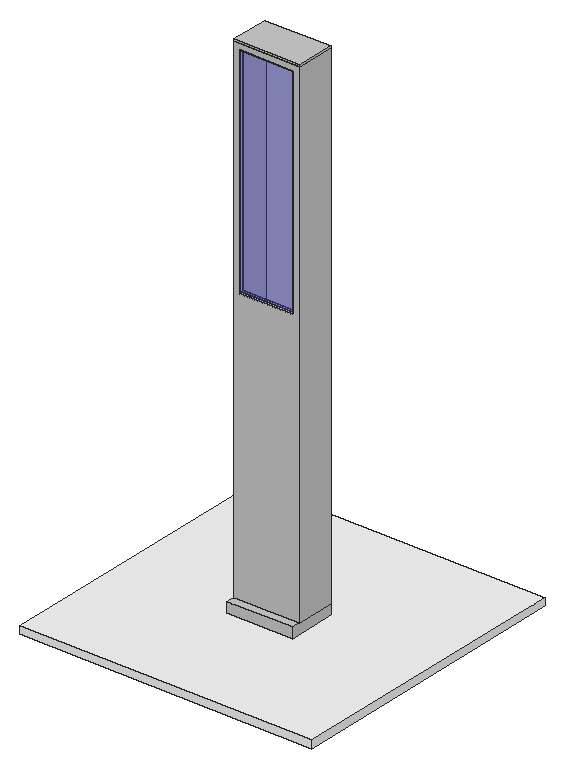
Revit family "BE_77247_de_DE", category Leuchten, Revit 2020
Family settings
  Basisbauteil = Fläche
  Bemaßung runder Anschluss = Durchmesser verwenden
  Teiletyp = Normal
  Beim Laden mit Abzugskörper schneiden = Ja
  Lichtquelle = Ja
  Gemeinsam genutzt = Nein
  Raumberechnungspunkt = Ja
Parameters (values of type "BEGA_77247_Silber_K3")
  built-in parameter 1150104 = 7.7778 (stored number, unit not read)
  Wattage = 4.3 W
  Default Elevation = 0 mm
  built-in parameter 1150113 = 1 (stored number, unit not read)
  built-in parameter 1114218 = 1 (stored number, unit not read)
  Umgebungstemperatur = "25 °C"
  URL = "https://www.bega.com/de/produkt/77247"
  Typenkommentare = "© 2022 BEGA. Wir behalten uns das Recht vor, technische Änderungen ohne vorherige Ankündigung vorzunehmen."  # constant formula
  Type Image = 77247.png
  built-in parameter 1150134 = (empty or 0)
  built-in parameter 1150109 = 1 (stored number, unit not read)
  Strom = ""
  built-in parameter 1150110 = 1 (stored number, unit not read)
  Spannung = 239.996 V
  Sonderanfertigung = no
  Seriennummer [instance] = "Hier können Sie die eindeutige Seriennummer für das Facility Management eintragen."
  Schutzklasse = "I"
  Schutzart = "IP 65"
  Scheinlast = 0 VA
  Produktdatenblatt = "https://cdn.bega.com/bega/products/77247AK3/current/documents/data-sheets/de"
  Oberflächentemperatur = ""
  Neigungswinkel = 0.00°
  Modell = "77247AK3"
  Material_18 = BEGA_Gummi_schwarz
  Material_17 = BEGA_Reflektor
  Material_15 = BEGA_Leuchtmedium_matt
  Material_11 = BEGA_Glas_opal
  Material_09 = BEGA_Glas_klar
  Material_08 = BEGA_Oberfläche_Stahl_verzinkt
  Material_06 = BEGA_Oberfläche_Edelstahl_gebürstet
  Material_03 = BEGA_Oberfläche_Weiss_matt
  Material_02 = BEGA_Oberfläche_Silber_matt
  Material_01 [instance] = BEGA_Oberfläche_Grafit_matt
  M_W = no
  M_G = no
  M_A = yes
  Logo = 0
  built-in parameter 1114217 = 1 (stored number, unit not read)
  built-in parameter 1150139 = (empty or 0)
  built-in parameter 1150105 = 28.648 (stored number, unit not read)
  built-in parameter 1150114 = 1 (stored number, unit not read)
  Lumens = 359.996 lm
  built-in parameter 1150115 = 1 (stored number, unit not read)
  Leuchtenlichtstrom = "139 lm"
  Leuchtenanzahl = ""
  Lebensdauerkriterien = "L70B50 @ 25 °C = 200000 h"
  Lastklassifizierung = Beleuchtung
  built-in parameter 1150112 = 1 (stored number, unit not read)
  Lampenlichtstrom = "385 lm"
  Lampe = "LED 1.8 W"
  LED_Modulbezeichnung = "LED-0840/830"
  built-in parameter 1150142 = (empty or 0)
  Hersteller = "BEGA"  # constant formula
  Halbstreuwinkel = ""
  Gewicht = "2.85 kg"
  Gebrauchslageneinschränkung [instance] = ""
  Frequenz = "0/50-60 Hz"
  Farbwiedergabeindex = "CRI > 80"
  Farbtemperaturverschiebung bei Dämpfen der Lampe = <Keine Auswahl>
  Farbtemperatur = "3000 K"
  Color Filter = 16777215
  built-in parameter 1150133 = 10 (stored number, unit not read)
  Energieeffizienzklasse = "LED A++ - A"
  built-in parameter 1150137 = (empty or 0)
  built-in parameter 1150132 = (empty or 0)
  ENEC = "ja"
  Dimmbar [instance] = ""
  Datei für fotometrisches Netz = "BE_77247K3.IES"
  CE_Konformität = "ja"
  Bestellnummer = "77247AK3"
  Beschreibung_Sonderanfertigung = "Hier können Sie Informationen zur Sonderanfertigung eintragen."
  Beschreibung = "Garten- und Wegeleuchte"
  built-in parameter 1150106 = 0.28648 (stored number, unit not read)
  Befestigungsbohrung = "Ø 5,5 mm"
  Befestigungsabstand = ""
  Ballwurfsicher = ""
  BEGA_Intern_aus = yes
  BEGA_Intern_an = yes
  BEGA_Intern_Konstruktion = yes
  BEGA_Intern = yes
  BEGA_IES = yes
  BEGA_Dummy = no
  Anschlussleitung = ""
  Anschlussleistung [instance] = "2.8 W"
  built-in parameter 1150107 = 3000 (stored number, unit not read)
  built-in parameter 1150102 = (empty or 0)
  built-in parameter 1150138 = (empty or 0)
  Aktualisierung = "2022-05-19T04:00:07"
  Abstand_zur_angestrahlten_Fläche [instance] = ""
  AC/DC = "AC/DC"
Types (2, lengths in mm): name | Modell | M_G | M_A | Bestellnummer
  BEGA_77247_Grafit_K3 | "77247K3" | yes | no | "77247K3"
  BEGA_77247_Silber_K3 | "77247AK3" | no | yes | "77247AK3"
Reference planes
  plane 1 "Mitte (Vorne/Hinten)": y = 0
  plane 2: z = 0
  plane 3 "Mitte (Links/Rechts)": x = 0
  plane 4 "Links": x = -45.24
  plane 5 "Rechts": x = 45.237
  plane 6 "Unten": y = -38.74
  plane 7 "Oben": y = 26.737
  plane 8 "Vorne": z = 700.372
  plane 9 "Hinten": z = 0
Forms (mm)
  Extrusion 1, solid, material "BEGA_Platte_Weiss"
    sketch origin (0, -1119.2, 0) x (1, 0, 0) y (0, 1, 0)
      loop
        line (-200, 1319.2) -> (-200, 919.2) -> (200, 919.2) -> (200, 1319.2) -> (-200, 1319.2)
    from 0 to -10
  Extrusion 2, solid, material "BEGA_Dummy_matt", visible <- "BEGA_Dummy"
    sketch origin (80.095, -76.023, 0) x (1, 0, 0) y (0, 1, 0)
      loop
        line (-125.336, 102.76) -> (-125.336, 37.283) -> (-34.858, 37.283) -> (-34.858, 102.76) -> (-125.336, 102.76)
    from 0 to 700.372
Dimensions and locks
  plane 1 "Mitte (Vorne/Hinten)" to Extrusion 1 = 200 mm
  aligned and locked: plane 2 to Extrusion 1
  aligned and locked: level to Extrusion 1
Nested families
  nested 1: "BE_77247" at (0, 0, 0) x (0, -1, 0) z (0, 0, 1), type "BE_77247"
Connectors
  electrical at (0, 0, 0), driven by "Lastklassifizierung", driven by "Spannung", driven by "Scheinlast"
    settings: index 1, voltage 239.996 V, apparent load 0 VA, apparent load phase1 0 VA, apparent load phase2 0 VA, apparent load phase3 0 VA, power factor 1, load classification "Beleuchtung", number of poles 1, system type 31, power factor state 1, is connector primary yes, connector utility no, sub classification motor no, connector description ""
Definition of nested family "BE_77247"
  Parameters (values of type "BE_77247")
    Default Elevation = 1 mm
    URL = "http://www.bega.de/de/produkt"
    Type Comments = "© 2015 BEGA. Wir behalten uns das Recht vor, technische Änderungen ohne vorherige Ankündigung vorzunehmen. "  # constant formula
    Type Image = (empty or 0)
    Material_18 = none
    Material_17 = none
    Material_15 = none
    Material_11 = none
    Material_09 = none
    Material_08 = none
    Material_06 = none
    Material_03 = none
    Material_02 = none
    Material_01 = none
    M_W = yes
    M_G = yes
    M_A = yes
    Länge_Platte = 200 mm  # constant formula
    Höhe_Platte = -10 mm  # constant formula
    Manufacturer = "BEGA"  # constant formula
    Breite_Platte = 200 mm  # constant formula
  Reference planes
    plane 1 "Mitte (Oben/Unten)": y = 0
    plane 2: z = 0
    plane 3 "Mitte (Links/Rechts)": x = 0
    plane 4: x = -26.737
    plane 5: z = 700.372
    plane 6: x = 38.74
    plane 7: y = -45.24
    plane 8: y = 45.237
  Forms (mm)
    Extrusion 1, solid, detail levels medium
      sketch origin (0, 0, 0) x (1, 0, 0) y (0, 1, 0)
        loop
          line (-100, 100) -> (-100, -100) -> (100, -100) -> (100, 100) -> (-100, 100)
      from 0 to -10 <- "Höhe_Platte"
    Sweep 2, solid, material <- "Material_01", visible <- "M_G", detail levels medium+fine
      path origin (0, 0, 0) x (1, 0, 0) y (0, 1, 0)
        loop
          line (-26.5, 45) -> (-26.5, -45.003) -> (38.503, -45.003) -> (38.503, 45) -> (-26.5, 45)
      profile origin (-26.5, -0.002, 0) x (1, 0, 0) y (0, 0, 1)
        loop
          line (0, 13.572) -> (-0.237, 0) -> (1.46, 0) -> (1.583, 3.517) -> (2.477, 4.475) -> (2.734, 11.837) -> (4.9, 11.837) -> (4.9, 13.572) -> (0, 13.572)
    Extrusion 3, solid, material <- "Material_01", visible <- "M_G", detail levels medium+fine
      sketch origin (0, 0, 0) x (1, 0, 0) y (0, 0, 1)
        loop
          line (36.18, 13.572) -> (22.161, 13.572) -> (22.161, 10.872) -> (36.18, 10.872) -> (36.18, 13.572)
      from -40.1 to 40.103
    Sweep 4, solid, material <- "Material_01", visible <- "M_G", detail levels medium+fine
      path origin (0, 0, 0) x (1, 0, 0) y (0, 1, 0)
        loop
          line (-26.5, -45.003) -> (26.5, -45.003) -> (26.5, 45) -> (-26.5, 45) -> (-26.5, -45.003)
      profile origin (-26.5, -0.002, 0) x (-1, 0, 0) y (0, 0, 1)
        loop
          line (-3, 13.572) -> (0, 13.572) -> (0, 698.572) -> (-3, 698.572) -> (-3, 13.572)
    Revolve 5, solid, material <- "Material_08", detail levels medium+fine
      sketch origin (0, 0, 0) x (1, 0, 0) y (0, 0, 1)
        loop
          line (20.6, 3.827) -> (20.6, 0.998)
          arc (20.6, 0.998) -> (21.475, 0.288) -> (22.566, 0.001) r 2.674
          line (22.566, 0.001) -> (34.5, 0.001) -> (34.5, 2) -> (22.428, 2) -> (20.6, 3.827)
        axis (-0.5, 3.827) -> (-0.5, 0.001)
      angle from 0 to 360
    Extrusion 6, void
      sketch origin (0, 0, 0) x (1, 0, 0) y (0, 1, 0)
        loop
          line (-24.123, 4.279) -> (-19.72, 29.25)
          arc (-19.72, 29.25) -> (-31.304, 16.618) -> (-35.5, 0) r 35
          arc (-35.5, 0) -> (-31.304, -16.618) -> (-19.72, -29.25) r 35
          line (-19.72, -29.25) -> (-24.132, -4.23)
          arc (-24.132, -4.23) -> (-24.5, 0.025) -> (-24.123, 4.279) r 24.5
      from 0 to 5.614
    Revolve 7, solid, material <- "Material_08", detail levels medium+fine
      sketch origin (0, 0, 0) x (1, 0, 0) y (0, 0, 1)
        loop
          line (18.6, 0.998) -> (20.6, 0.998) -> (20.6, 120) -> (18.6, 120) -> (18.6, 0.998)
        axis (-0.5, 0.998) -> (-0.5, 120)
      angle from 0 to 360
    Extrusion 8, void
      sketch origin (0, 0, 0) x (1, 0, 0) y (0, 1, 0)
        loop
          circle (-15, 25.981) r 2.75
        loop
          circle (-15, -25.981) r 2.75
        loop
          circle (30, 0) r 2.75
      from 0 to 5.408
    Extrusion 9, solid, material <- "Material_01", visible <- "M_G", detail levels medium+fine
      sketch origin (0, 0, 0) x (1, 0, 0) y (0, 0, 1)
        loop
          line (26.5, 700.372) -> (-26.5, 700.372) -> (-26.5, 698.572) -> (26.5, 698.572) -> (26.5, 700.372)
      from -45 to 45.003
    Revolve 10, void
      sketch origin (0, 0, 0) x (1, 0, 0) y (0, 0, 1)
        loop
          line (-26.983, 52.572) -> (-26.983, 48.572) -> (-22.865, 48.572) -> (-22.865, 52.572) -> (-26.983, 52.572)
        axis (-26.983, 48.572) -> (-22.865, 48.572)
      angle from 0 to 360
    Revolve 11, void
      sketch origin (0, 0, 50) x (1, 0, 0) y (0, 0, 1)
        loop
          line (-26.983, 52.572) -> (-26.983, 48.572) -> (-22.865, 48.572) -> (-22.865, 52.572) -> (-26.983, 52.572)
        axis (-26.983, 48.572) -> (-22.865, 48.572)
      angle from 0 to 360
    Revolve 12, solid, material <- "Material_06", detail levels fine
      sketch origin (0, 0, 0) x (1, 0, 0) y (0, 0, 1)
        loop
          line (-27.5, 98.572) -> (-21.6, 98.572) -> (-21.6, 100.172) -> (-23.001, 101.573) -> (-23.001, 102.742) -> (-26.5, 102.497) -> (-26.5, 101.572) -> (-27.5, 101.572) -> (-27.5, 98.572)
        axis (-27.5, 98.572) -> (-21.6, 98.572)
      angle from 0 to 360
    Blend 13, void
      base sketch origin (0, 0, -0.4) x (0, 1, 0) y (0, 0, 1)
        loop
          line (-36.203, 690.172) -> (-36.203, 391.772) -> (36.2, 391.772) -> (36.2, 690.172) -> (-36.203, 690.172)
      top sketch origin (0, 0, -0.4) x (0, 1, 0) y (0, 0, 1)
        loop
          line (-37.303, 691.272) -> (-37.303, 390.672) -> (37.3, 390.672) -> (37.3, 691.272) -> (-37.303, 691.272)
      from 23.332 to 26.857
    Extrusion 14, solid, material <- "Material_11", detail levels medium+fine
      sketch origin (0, 0, 0) x (1, 0, 0) y (0, 0, 1)
        loop
          line (26.51, 689.072) -> (22.51, 689.072) -> (22.51, 392.072) -> (26.51, 392.072) -> (26.51, 689.072)
      from -35.438 to 35.351
    Revolve 15, solid, material <- "Material_06", detail levels fine
      sketch origin (0, 0, -50) x (1, 0, 0) y (0, 0, 1)
        loop
          line (-27.5, 98.572) -> (-21.6, 98.572) -> (-21.6, 100.172) -> (-23.001, 101.573) -> (-23.001, 102.742) -> (-26.5, 102.497) -> (-26.5, 101.572) -> (-27.5, 101.572) -> (-27.5, 98.572)
        axis (-27.5, 98.572) -> (-21.6, 98.572)
      angle from 0 to 360
    Sweep 16, solid, material <- "Material_02", visible <- "M_A", detail levels medium+fine
      path origin (0, 0, 0) x (1, 0, 0) y (0, 1, 0)
        loop
          line (-26.5, 45) -> (-26.5, -45.003) -> (38.503, -45.003) -> (38.503, 45) -> (-26.5, 45)
      profile origin (-26.5, -0.002, 0) x (1, 0, 0) y (0, 0, 1)
        loop
          line (0, 13.572) -> (-0.237, 0) -> (1.46, 0) -> (1.583, 3.517) -> (2.477, 4.475) -> (2.734, 11.837) -> (4.9, 11.837) -> (4.9, 13.572) -> (0, 13.572)
    Extrusion 17, solid, material <- "Material_02", visible <- "M_A", detail levels medium+fine
      sketch origin (0, 0, 0) x (1, 0, 0) y (0, 0, 1)
        loop
          line (36.18, 13.572) -> (22.161, 13.572) -> (22.161, 10.872) -> (36.18, 10.872) -> (36.18, 13.572)
      from -40.1 to 40.103
    Sweep 18, solid, material <- "Material_02", visible <- "M_A", detail levels medium+fine
      path origin (0, 0, 0) x (1, 0, 0) y (0, 1, 0)
        loop
          line (-26.5, -45.003) -> (26.5, -45.003) -> (26.5, 45) -> (-26.5, 45) -> (-26.5, -45.003)
      profile origin (-26.5, -0.002, 0) x (-1, 0, 0) y (0, 0, 1)
        loop
          line (-3, 13.572) -> (0, 13.572) -> (0, 698.572) -> (-3, 698.572) -> (-3, 13.572)
    Extrusion 19, solid, material <- "Material_02", visible <- "M_A", detail levels medium+fine
      sketch origin (0, 0, 0) x (1, 0, 0) y (0, 0, 1)
        loop
          line (26.5, 700.372) -> (-26.5, 700.372) -> (-26.5, 698.572) -> (26.5, 698.572) -> (26.5, 700.372)
      from -45 to 45.003
  Cuts and joins
    Extrusion 8 cuts Sweep 2
    Extrusion 8 cuts Extrusion 3
    joined: Sweep 2, Extrusion 3
    Extrusion 6, Extrusion 8 cuts Revolve 5
    Extrusion 8 cuts Revolve 7
    joined: Revolve 5, Revolve 7
    Extrusion 6, Revolve 10, Revolve 11, Blend 13 cuts Sweep 4
    joined: Sweep 16, Extrusion 17
    Revolve 10, Revolve 11, Blend 13 cuts Sweep 18
  Dimensions and locks
    equal spacing: Extrusion 1 sketch curve, plane 3 "Mitte (Links/Rechts)", Extrusion 1 sketch curve
    equal spacing: Extrusion 1 sketch curve, plane 1 "Mitte (Oben/Unten)", Extrusion 1 sketch curve
    "Länge_Platte": Extrusion 1 sketch curve to Extrusion 1 sketch curve
    "Breite_Platte": Extrusion 1 sketch curve to Extrusion 1 sketch curve
    aligned and locked: Extrusion 1 to plane 2
    aligned and locked: level to Extrusion 1
  Automatic sketch dimensions
    Sweep 2 sketch curve to plane 3 "Mitte (Links/Rechts)" = 26.5 mm
    plane 3 "Mitte (Links/Rechts)" to Sweep 2 sketch curve = 38.503 mm
    plane 1 "Mitte (Oben/Unten)" to Sweep 2 sketch curve = 45.003 mm
    Sweep 2 sketch curve to plane 1 "Mitte (Oben/Unten)" = 45 mm
    Sweep 2 sketch curve to level = 0 mm
    profile plane to Sweep 2 sketch curve = 0.237 mm
    Sweep 2 sketch curve to profile plane = 0 mm
    Sweep 2 sketch curve to profile plane = 1.46 mm
    Sweep 2 sketch curve to profile plane = 1.583 mm
    Sweep 2 sketch curve to Sweep 2 sketch curve = 0.893 mm
    Sweep 2 sketch curve to profile plane = 2.734 mm
    Sweep 2 sketch curve to Sweep 2 sketch curve = 2.166 mm
    level to Sweep 2 sketch curve = 3.517 mm
    Sweep 2 sketch curve to Sweep 2 sketch curve = 0.958 mm
    Sweep 2 sketch curve to Sweep 2 sketch curve = 7.362 mm
    Sweep 2 sketch curve to Sweep 2 sketch curve = 1.735 mm
    plane 3 "Mitte (Links/Rechts)" to Extrusion 3 sketch curve = 22.161 mm
    Extrusion 3 sketch curve to Extrusion 3 sketch curve = 14.019 mm
    level to Extrusion 3 sketch curve = 10.872 mm
    Extrusion 3 sketch curve to Extrusion 3 sketch curve = 2.7 mm
    Sweep 4 sketch curve to plane 3 "Mitte (Links/Rechts)" = 26.5 mm
    plane 3 "Mitte (Links/Rechts)" to Sweep 4 sketch curve = 26.5 mm
    plane 1 "Mitte (Oben/Unten)" to Sweep 4 sketch curve = 45.003 mm
    Sweep 4 sketch curve to plane 1 "Mitte (Oben/Unten)" = 45 mm
    profile plane to Sweep 4 sketch curve = 3 mm
    Sweep 4 sketch curve to profile plane = 0 mm
    level to Sweep 4 sketch curve = 13.572 mm
    Sweep 4 sketch curve to Sweep 4 sketch curve = 685 mm
    level to Revolve 5 sketch curve = 0.998 mm
    plane 3 "Mitte (Links/Rechts)" to Revolve 5 sketch curve = 20.6 mm
    level to Revolve 5 sketch curve = 2 mm
    Revolve 5 sketch curve to Revolve 5 sketch curve = 1.828 mm
    level to Revolve 5 sketch curve = 0.001 mm
    Revolve 5 sketch curve to Revolve 5 sketch curve = 0.138 mm
    Revolve 5 sketch curve to Revolve 5 sketch curve = 0.257 mm
    Revolve 5 sketch curve to Revolve 5 sketch curve = 11.815 mm
    Revolve 5 sketch curve to Revolve 5 sketch curve = 1.155 mm
    Revolve 5 sketch curve to plane 3 "Mitte (Links/Rechts)" = 0.5 mm
    level to Revolve 5 sketch curve = 5.947 mm
    Revolve 5 sketch curve to Revolve 5 sketch curve = 4.112 mm
    Extrusion 6 sketch curve to Extrusion 6 sketch curve = 0 mm  (x2)
    plane 1 "Mitte (Oben/Unten)" to Extrusion 6 sketch curve = 0 mm  (x2)
    Extrusion 6 sketch curve to plane 3 "Mitte (Links/Rechts)" = 0 mm
    Extrusion 6 sketch curve to plane 3 "Mitte (Links/Rechts)" = 0.5 mm
    Extrusion 6 sketch curve to plane 3 "Mitte (Links/Rechts)" = 19.72 mm  (x2)
    Extrusion 6 sketch curve to plane 1 "Mitte (Oben/Unten)" = 4.279 mm
    Extrusion 6 sketch curve to Extrusion 6 sketch curve = 23.623 mm
    plane 1 "Mitte (Oben/Unten)" to Extrusion 6 sketch curve = 4.23 mm
    Extrusion 6 sketch curve to Extrusion 6 sketch curve = 25.021 mm
    plane 3 "Mitte (Links/Rechts)" to Revolve 7 sketch curve = 18.6 mm
    level to Revolve 7 sketch curve = 0.998 mm
    Revolve 7 sketch curve to Revolve 7 sketch curve = 2 mm
    Revolve 7 sketch curve to Revolve 7 sketch curve = 119.002 mm
    Revolve 7 sketch curve to plane 3 "Mitte (Links/Rechts)" = 0.5 mm
    level to Revolve 7 sketch curve = 24.123 mm
    Revolve 7 sketch curve to Revolve 7 sketch curve = 4.292 mm
    Extrusion 9 sketch curve to plane 3 "Mitte (Links/Rechts)" = 26.5 mm
    plane 3 "Mitte (Links/Rechts)" to Extrusion 9 sketch curve = 26.5 mm
    level to Extrusion 9 sketch curve = 698.572 mm
    Extrusion 9 sketch curve to Extrusion 9 sketch curve = 1.8 mm
    Revolve 10 sketch curve to plane 3 "Mitte (Links/Rechts)" = 26.983 mm
    Revolve 10 sketch curve to Revolve 10 sketch curve = 4.118 mm
    level to Revolve 10 sketch curve = 48.572 mm
    Revolve 10 sketch curve to Revolve 10 sketch curve = 4 mm
    Revolve 10 sketch curve to Revolve 10 sketch curve = 0.21 mm
    Revolve 10 sketch curve to Revolve 10 sketch curve = 1.673 mm
    Revolve 10 sketch curve to Revolve 10 sketch curve = 0 mm
    Revolve 11 sketch curve to plane 3 "Mitte (Links/Rechts)" = 26.983 mm
    Revolve 11 sketch curve to Revolve 11 sketch curve = 4.118 mm
    level to Revolve 11 sketch curve = 98.572 mm
    Revolve 11 sketch curve to Revolve 11 sketch curve = 4 mm
    Revolve 11 sketch curve to Revolve 11 sketch curve = 0.21 mm
    Revolve 11 sketch curve to Revolve 11 sketch curve = 1.673 mm
    Revolve 11 sketch curve to Revolve 11 sketch curve = 0 mm
    Revolve 12 sketch curve to plane 3 "Mitte (Links/Rechts)" = 27.5 mm
    Revolve 12 sketch curve to Revolve 12 sketch curve = 1 mm
    Revolve 12 sketch curve to Revolve 12 sketch curve = 3.499 mm
    Revolve 12 sketch curve to Revolve 12 sketch curve = 1.401 mm
    level to Revolve 12 sketch curve = 98.572 mm
    Revolve 12 sketch curve to Revolve 12 sketch curve = 3 mm
    Revolve 12 sketch curve to Revolve 12 sketch curve = 3.001 mm
    Revolve 12 sketch curve to Revolve 12 sketch curve = 0.925 mm
    Revolve 12 sketch curve to Revolve 12 sketch curve = 1.169 mm
    Revolve 12 sketch curve to Revolve 12 sketch curve = 0 mm  (x2)
    Revolve 12 sketch curve to Revolve 12 sketch curve = 1.676 mm
    Revolve 12 sketch curve to Revolve 12 sketch curve = 1.6 mm
    plane 1 "Mitte (Oben/Unten)" to Blend 13 sketch curve = 36.203 mm
    Blend 13 sketch curve to plane 1 "Mitte (Oben/Unten)" = 36.2 mm
    level to Blend 13 sketch curve = 391.372 mm
    Blend 13 sketch curve to Blend 13 sketch curve = 298.4 mm
    plane 1 "Mitte (Oben/Unten)" to Blend 13 sketch curve = 37.303 mm
    Blend 13 sketch curve to plane 1 "Mitte (Oben/Unten)" = 37.3 mm
    level to Blend 13 sketch curve = 390.272 mm
    Blend 13 sketch curve to Blend 13 sketch curve = 300.6 mm
    plane 3 "Mitte (Links/Rechts)" to Extrusion 14 sketch curve = 22.51 mm
    Extrusion 14 sketch curve to Extrusion 14 sketch curve = 4 mm
    level to Extrusion 14 sketch curve = 392.072 mm
    Extrusion 14 sketch curve to Extrusion 14 sketch curve = 297 mm
    Revolve 15 sketch curve to plane 3 "Mitte (Links/Rechts)" = 27.5 mm
    Revolve 15 sketch curve to Revolve 15 sketch curve = 1 mm
    Revolve 15 sketch curve to Revolve 15 sketch curve = 3.499 mm
    Revolve 15 sketch curve to Revolve 15 sketch curve = 1.401 mm
    level to Revolve 15 sketch curve = 48.572 mm
    Revolve 15 sketch curve to Revolve 15 sketch curve = 3 mm
    Revolve 15 sketch curve to Revolve 15 sketch curve = 3.001 mm
    Revolve 15 sketch curve to Revolve 15 sketch curve = 0.925 mm
    Revolve 15 sketch curve to Revolve 15 sketch curve = 1.169 mm
    Revolve 15 sketch curve to Revolve 15 sketch curve = 0 mm  (x2)
    Revolve 15 sketch curve to Revolve 15 sketch curve = 1.676 mm
    Revolve 15 sketch curve to Revolve 15 sketch curve = 1.6 mm
    Sweep 16 sketch curve to plane 3 "Mitte (Links/Rechts)" = 26.5 mm
    plane 3 "Mitte (Links/Rechts)" to Sweep 16 sketch curve = 38.503 mm
    plane 1 "Mitte (Oben/Unten)" to Sweep 16 sketch curve = 45.003 mm
    Sweep 16 sketch curve to plane 1 "Mitte (Oben/Unten)" = 45 mm
    Sweep 16 sketch curve to level = 0 mm
    profile plane to Sweep 16 sketch curve = 0.237 mm
    Sweep 16 sketch curve to profile plane = 0 mm
    Sweep 16 sketch curve to profile plane = 1.46 mm
    Sweep 16 sketch curve to profile plane = 1.583 mm
    Sweep 16 sketch curve to Sweep 16 sketch curve = 0.893 mm
    Sweep 16 sketch curve to profile plane = 2.734 mm
    Sweep 16 sketch curve to Sweep 16 sketch curve = 2.166 mm
    level to Sweep 16 sketch curve = 3.517 mm
    Sweep 16 sketch curve to Sweep 16 sketch curve = 0.958 mm
    Sweep 16 sketch curve to Sweep 16 sketch curve = 7.362 mm
    Sweep 16 sketch curve to Sweep 16 sketch curve = 1.735 mm
    plane 3 "Mitte (Links/Rechts)" to Extrusion 17 sketch curve = 22.161 mm
    Extrusion 17 sketch curve to Extrusion 17 sketch curve = 14.019 mm
    level to Extrusion 17 sketch curve = 10.872 mm
    Extrusion 17 sketch curve to Extrusion 17 sketch curve = 2.7 mm
    Sweep 18 sketch curve to plane 3 "Mitte (Links/Rechts)" = 26.5 mm
    plane 3 "Mitte (Links/Rechts)" to Sweep 18 sketch curve = 26.5 mm
    plane 1 "Mitte (Oben/Unten)" to Sweep 18 sketch curve = 45.003 mm
    Sweep 18 sketch curve to plane 1 "Mitte (Oben/Unten)" = 45 mm
    profile plane to Sweep 18 sketch curve = 3 mm
    Sweep 18 sketch curve to profile plane = 0 mm
    level to Sweep 18 sketch curve = 13.572 mm
    Sweep 18 sketch curve to Sweep 18 sketch curve = 685 mm
    Extrusion 19 sketch curve to plane 3 "Mitte (Links/Rechts)" = 26.5 mm
    plane 3 "Mitte (Links/Rechts)" to Extrusion 19 sketch curve = 26.5 mm
    level to Extrusion 19 sketch curve = 698.572 mm
    Extrusion 19 sketch curve to Extrusion 19 sketch curve = 1.8 mm
